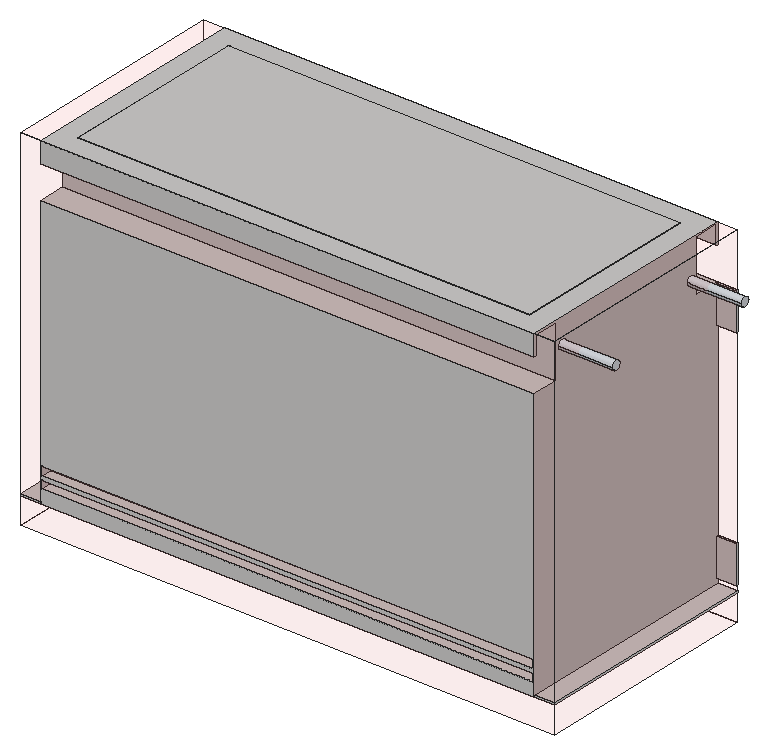
Revit family "Air-Curtain_Industrial_PoweredAire_HotWater", category Mechanical Equipment, host Face, Revit 2022
Family settings
  Host = Face
  Round Connector Dimension = Use Diameter
  Part Type = Normal
  OmniClass Number = 23.75.35.17.21
  OmniClass Title = Air Curtains
  Cut with Voids When Loaded = No
  Maintain Annotation Orientation = No
  Shared = No
  Room Calculation Point = No
Parameters
  upperrotation [instance] = if(Upper Pipe Connection Side A, 0.00°, 180.00°)  # 0.00°
  topbracket [instance] = and(Unit Height = 1' 4 3/4", Unit Depth = 1' 11 3/4")  # yes
  lowerrotation [instance] = if(Lower Pipe Connection Side A, 0.00°, 180.00°)  # 0.00°
  locateupperpipe [instance] = if(Upper Pipe Connection Side A, 0' 0", Nozzle Width)  # 0' - 0"
  locatelowerpipe [instance] = if(Lower Pipe Connection Side A, 0' 0", Nozzle Width)  # 0' - 0"
  Warranty Duration (Years) = 0
  Upper Pipe Connection Side A [instance] = yes
  Unit Width Notes = "Other Widths available."  # constant formula
  Unit Width = 3' - 3"
  Unit Weight = 0
  Unit Height = 1' - 4 3/4"
  Unit Depth = 1' - 11 3/4"
  URL = "http://www.poweredaire.com/"
  Test Data = ""
  Standards Conformance = "as Specified"
  Specification = "http://www.arcat.com/sdspecs/htm04/23_34_33pai.htm"
  SpecWizard = ""
  Sound Pressure = "as Specified"
  Sales Information = "http://www.poweredaire.com/contact_us"
  Revision = "R1_2016-08"
  Projection from Host [instance] = 0' - 2"
  Product Properties = ""
  Product Data = "http://www.arcat.com/arcatcos/cos47/arc47623.html"
  Power Rating = 0 W
  Piping_Water Flow [instance] = 0 GPM
  Piping_Operating Pressure [instance] = 0.00 psi
  Piping_Exit Temperature [instance] = 0 °F
  Piping_Entry Temperature [instance] = 0 °F
  Pipe OD [instance] = 5/8"
  Nozzle Width = if(1 = 1, Unit Width - 0' 3", 0' 0")  # 3' - 0"
  Mounting Width = if(1 = 1, Unit Width - 0' 1 1/2", 0' 0")  # 3' - 1 1/2"
  Mounting Height [instance] = 3' - 6"
  Motor RPM = 0
  Motor HP = 0
  Motor Count = 0
  Model = "As Specified"
  Max Height = 0' - 0"
  Manufacturer Website = "http://www.poweredaire.com/"
  Manufacturer Phone - Toll Free = "888-321-2473"
  Manufacturer Phone = "724-588-3305"
  Manufacturer Fax = "724-588-3371"
  Manufacturer Address = "109 Mortensen Rd.  Greenville, PA 16125"
  Manufacturer = "Powered Aire, Inc"
  Maintenance Schedule (Months) = 0
  Lower Pipe Connection Side A [instance] = yes
  Keynote = "23 34 33"
  Installation-Fabrication = ""
  Installation Phase = ""
  Include Clearance [instance] = yes
  Heating Element Load = 0 W
  HVAC_Temperature Rise = 0 °F
  HVAC_Outlet Volume = 0 CFM
  HVAC_Outlet Velocity Uniformity = 0
  HVAC_Outlet Velocity = 0 FPM
  HVAC_BTU Input = 0.0 Btu/h
  Green Building-LEED = "http://www.arcat.com/green/clients/leed_data_47623.html"
  Front Grating Material [instance] = Metal - Steel - PoweredAire - Stainless 304 Perforated
  Frame Finish [instance] = Metal - Steel - PoweredAire - Stainless 304
  Expected Lifespan (Years) = 0
  Electrical_Wattage [instance] = Power Rating + Heating Element Load  # 0 W
  Electrical_Voltage [instance] = 0 V
  Electrical_Phase [instance] = 1
  Electrical_Frequency [instance] = 0 Hz
  Electrical_Amperage [instance] = 0 A
  Drawn By = "Sumex Design, Inc. / Robert S. Weygant, CSI, CDT, SCIP"
  Description = "Powered Aire Air Curtain as Specified"
  Default Elevation = 0' - 0"  # constant formula
  Copyright = "©Arcat Inc."
  Construction Details = "http://www.arcat.com/details/powair/prod3336.html"
  Clearance_Top [instance] = 0' - 0"
  Clearance_Side B [instance] = 0' - 0"
  Clearance_Side A [instance] = 0' - 0"
  Clearance_Intake [instance] = 0' - 0"
  Clearance_Bottom [instance] = 0' - 0"
  Clearance Material [instance] = ARCAT Clearance
  Building Codes = ""
  Available Options [instance] = "as Specified"
  Assembly Code = "D3090400"
Reference planes (in)
  plane 1 "Center (Elevation)": y = 0.13818
  plane 2: z = 0
  plane 3 "Center (Left/Right)": x = 0
  plane 4: y = 8.51318
  plane 5: y = -8.23682
  plane 6: x = -19.5
  plane 7: x = 19.5
  plane 8: z = 25.75
  plane 9 "FF": y = -41.86182
  plane 10: z = 2
  plane 11: x = 18
  plane 12: x = -18
  plane 13: y = 8.51318
  plane 14: y = -8.23682
  plane 15: x = -19.5
  plane 16: x = 19.5
  plane 17: z = 25.75
  plane 18: x = 17.9375
  plane 19: x = -17.9375
  plane 20: x = 18
  plane 21: x = 18
  plane 22: y = 6.01318
  plane 23: y = -5.73682
Forms (in)
  Extrusion 1, solid, material "Metal - Steel - PoweredAire - Stainless 304" <- "Frame Finish"
    sketch origin (0, 0, 0) x (0, 1, 0) y (0, 0, 1)
      loop
        line (-8.23682, 2) -> (8.51318, 2) -> (8.51318, 21.8125) -> (6.51318, 21.8125) -> (6.51318, 25.625) -> (8.38818, 25.625) -> (8.38818, 24.25) -> (8.51318, 24.25) -> (8.51318, 25.75) -> (-8.23682, 25.75) -> (-8.23682, 24.25) -> (-8.11182, 24.25) -> (-8.11182, 25.625) -> (-6.23682, 25.625) -> (-6.23682, 21.8125) -> (-8.23682, 21.8125) -> (-8.23682, 2)
    from -18 to 18
  Extrusion 2, solid, material "ARCAT Clearance" <- "Clearance Material", visible <- "Include Clearance"
    sketch origin (0, 0, 0) x (0, 1, 0) y (0, 0, 1)
      loop
        line (-8.23682, 25.75) -> (-8.23682, 0) -> (8.51318, 0) -> (8.51318, 25.75) -> (-8.23682, 25.75)
    from -19.5 to 19.5
  Extrusion 3, solid, material "Metal - Steel - PoweredAire - Stainless 304" <- "Frame Finish"
    sketch origin (-15.17702, -180, 2) x (-1, 0, 0) y (0, -1, 0)
      loop
        line (-33.17702, -188.51318) -> (-33.17702, -171.76318) -> (-34.67702, -171.76318) -> (-34.67702, -188.51318) -> (-33.17702, -188.51318)
      loop
        line (2.82298, -188.51318) -> (4.32298, -188.51318) -> (4.32298, -171.76318) -> (2.82298, -171.76318) -> (2.82298, -188.51318)
    from 0 to 0.125
  Extrusion 4, solid, material "Metal - Steel - PoweredAire - Stainless 304" <- "Frame Finish", visible <- "topbracket"
    sketch origin (-11.83813, 8.51318, 48) x (-1, 0, 0) y (0, 0, 1)
      loop
        line (-29.83813, -45.5) -> (-29.83813, -42.75) -> (-31.33813, -42.75) -> (-31.33813, -45.5) -> (-29.83813, -45.5)
      loop
        line (-29.83813, -28.9375) -> (-29.83813, -26.1875) -> (-31.33813, -26.1875) -> (-31.33813, -28.9375) -> (-29.83813, -28.9375)
      loop
        line (6.16187, -45.5) -> (7.66187, -45.5) -> (7.66187, -42.75) -> (6.16187, -42.75) -> (6.16187, -45.5)
      loop
        line (6.16187, -28.9375) -> (7.66187, -28.9375) -> (7.66187, -26.1875) -> (6.16187, -26.1875) -> (6.16187, -28.9375)
    from 0 to -0.125
  Extrusion 5, void
    sketch origin (0, 0, 0) x (0, 1, 0) y (0, 0, 1)
      loop
        line (-8.23682, 3) -> (-7.23682, 3) -> (-7.23682, 4.5) -> (-8.23682, 4.5) -> (-8.23682, 3.82425) -> (-7.38364, 3.82425) -> (-7.38364, 3.57425) -> (-8.23682, 3.57425) -> (-8.23682, 3)
    from -17.9375 to 17.9375
  Extrusion 6, solid, material "Metal - Steel - PoweredAire - Stainless 304 Perforated" <- "Front Grating Material"
    sketch origin (0, -8.23682, 25.75) x (0, 1, 0) y (-1, 0, 0)
      loop
        line (15.25, 16.5) -> (1.5, 16.5) -> (1.5, -16.5) -> (15.25, -16.5) -> (15.25, 16.5)
    from 0 to 0.03125
  Sweep 7, solid
    path origin (18, 6.01318, 0) x (1, 0, 0) y (0, 1, 0)
      loop
        line (0, 0) -> (4, 0)
    profile origin (20, 6.01318, 0) x (0, 1, 0) y (0, 0, 1)
      loop
        circle (0, 23) r 0.3125
  Sweep 8, solid
    path origin (18, -5.73682, 0) x (1, 0, 0) y (0, 1, 0)
      loop
        line (0, 0) -> (4, 0)
    profile origin (20, -5.73682, 0) x (0, 1, 0) y (0, 0, 1)
      loop
        circle (0, 24) r 0.3125
Cuts and joins
  Extrusion 5 cuts Extrusion 1
Lines and regions (in)
  reference lines
    curve 1: line (18, 6.01318, 0) -> (22.75, 6.01318, 0)
    curve 2: line (18, -5.73682, 0) -> (23.75, -5.73682, 0)
Dimensions and locks (in)
  equal spacing: plane 4, plane 1 "Center (Elevation)", plane 5
  "Unit Height": plane 4 to plane 5
  equal spacing: plane 6, plane 3 "Center (Left/Right)", plane 7
  "Unit Width": plane 6 to plane 7
  "Mounting Height": plane 1 "Center (Elevation)" to plane 9 "FF"
  "Projection from Host": plane 10 to level
  "Unit Depth": plane 8 to plane 10
  locked: plane 6 to plane 12 at 1.5
  locked: plane 11 to plane 7 at 1.5
  "Clearance_Side A": plane 7 to plane 16
  "Clearance_Side B": plane 15 to plane 6
  "Clearance_Top": plane 13 to plane 4
  "Clearance_Bottom": plane 5 to plane 14
  "Clearance_Intake": plane 17 to plane 8
  plane 5 to Extrusion 1 sketch curve to Extrusion 1 sketch curve = 0' - 0 1/8" locked, 0' - 1 7/8" locked
  Extrusion 1 sketch curve to Extrusion 1 sketch curve to plane 4 = 0' - 1 7/8" locked, 0' - 0 1/8" locked
  Extrusion 4 sketch curve to Extrusion 4 sketch curve to Extrusion 4 sketch curve to Extrusion 4 sketch curve to plane 10 = 0' - 2 3/4" locked, 1' - 1 13/16" locked, 0' - 2 3/4" locked, 0' - 0 1/2" locked
  Extrusion 4 sketch curve to Extrusion 4 sketch curve to Extrusion 4 sketch curve to Extrusion 4 sketch curve = 0' - 2 3/4" locked, 1' - 1 13/16" locked, 0' - 2 3/4" locked
  locked: Extrusion 4 sketch curve to plane 10 at 0.5
  plane 8 to Extrusion 1 sketch curve to Extrusion 1 sketch curve = 0' - 0 1/8" locked, 0' - 1 3/8" locked  (x2)
  locked: Extrusion 1 sketch curve to plane 10 at 19.8125  (x2)
  Extrusion 5 sketch curve to Extrusion 5 sketch curve to Extrusion 5 sketch curve to Extrusion 5 sketch curve to plane 10 = 0' - 0.67575" locked, 0' - 0 1/4" locked, 0' - 0.57425" locked, 0' - 1" locked
  plane 5 to Extrusion 5 sketch curve to Extrusion 5 sketch curve = 0' - 0.85319" locked, 0' - 0.14681" locked
  locked: plane 19 to plane 12 at 0.0625
  locked: plane 11 to plane 18 at 0.0625
  locked: plane 4 to Extrusion 6 sketch curve at 1.5
  locked: Extrusion 6 sketch curve to plane 5 at 1.5
  locked: Extrusion 6 sketch curve to plane 11 at 1.5
  locked: plane 12 to Extrusion 6 sketch curve at 1.5
  "locateupperpipe": plane 20 to plane 11
  "locatelowerpipe": plane 21 to plane 11
  locked: plane 4 to plane 22 at 2.5
  locked: plane 23 to plane 5 at 2.5
  locked: curve 1 to Sweep 7 sketch curve at 4
  locked: curve 1 to Sweep 7 sketch curve
  locked: Sweep 7 sketch curve to plane 10 at 21
  locked: curve 2 to Sweep 8 sketch curve at 4
  locked: curve 2 to Sweep 8 sketch curve
  locked: Sweep 8 sketch curve to plane 10 at 22
  "upperrotation": angle plane 22 to curve 1
  "lowerrotation": angle plane 23 to curve 2
  aligned and locked: plane 2 to host face
  aligned and locked: level to host face
  aligned and locked: Extrusion 2 sketch curve to plane 17
  aligned and locked: plane 14 to Extrusion 2 sketch curve
  aligned and locked: level to Extrusion 2 sketch curve
  aligned and locked: Extrusion 2 sketch curve to plane 13
  aligned and locked: plane 16 to Extrusion 2
  aligned and locked: Extrusion 2 to plane 15
  aligned and locked: plane 11 to Extrusion 1
  aligned and locked: Extrusion 1 to plane 12
  aligned and locked: plane 21 to curve 2
  aligned and locked: plane 23 to curve 2
  aligned and locked: plane 22 to curve 1
  aligned and locked: plane 20 to curve 1
Automatic sketch dimensions
  host sketch curve to host sketch curve = 8' - 0"  (x2)
  Extrusion 1 sketch curve to plane 5 = 0' - 0"  (x2)
  Extrusion 1 sketch curve to plane 4 = 0' - 0"  (x2)
  Extrusion 1 sketch curve to plane 10 = 0' - 0"
  Extrusion 1 sketch curve to plane 8 = 0' - 0"
  plane 4 to Extrusion 3 sketch curve = 0' - 0"
  Extrusion 3 sketch curve to plane 7 = 0' - 0"
  plane 5 to Extrusion 3 sketch curve = 0' - 0"
  Extrusion 3 sketch curve to plane 11 = 0' - 0"
  Extrusion 3 sketch curve to plane 4 = 0' - 0"
  Extrusion 3 sketch curve to plane 12 = 0' - 0"
  Extrusion 3 sketch curve to plane 6 = 0' - 0"
  Extrusion 3 sketch curve to plane 5 = 0' - 0"
  Extrusion 4 sketch curve to plane 7 = 0' - 0"  (x2)
  Extrusion 4 sketch curve to plane 11 = 0' - 0"  (x2)
  Extrusion 4 sketch curve to plane 12 = 0' - 0"  (x2)
  Extrusion 4 sketch curve to plane 6 = 0' - 0"  (x2)
  Extrusion 5 sketch curve to plane 5 = 0' - 0"  (x2)
  Sweep 7 sketch curve to profile plane = 0' - 0"
  Sweep 8 sketch curve to profile plane = 0' - 0"
  radius of Sweep 7 sketch curve = 0' - 0 5/16"
  radius of Sweep 8 sketch curve = 0' - 0 5/16"
Connectors (in)
  piping at (22, 6.01318, 23), diameter 0.625, driven by "Pipe OD", driven by "Piping_Water Flow"
    settings: on Sweep 7, index 1, connector inside diameter 24", connector length 0' - 0", flow factor 0, pipe flow 0 GPM, pressure drop 0.00 psi, fitting loss kfactor 0, connector angle 0.00°, fixture units 0, engagement length 0' - 0", angle of deflection 0.00°, flow configuration 0, flow direction 0, fitting loss method 0, system type 29, joint type 0, gender type 0, connector reference index -1, connector utility 0, adjustable connector no, is connector primary yes, connector description "Define Supply or Return and Location"
  piping at (22, -5.73682, 24), diameter 0.625, driven by "Pipe OD", driven by "Piping_Water Flow"
    settings: on Sweep 8, index 2, connector inside diameter 24", connector length 0' - 0", flow factor 0, pipe flow 0 GPM, pressure drop 0.00 psi, fitting loss kfactor 0, connector angle 0.00°, fixture units 0, engagement length 0' - 0", angle of deflection 0.00°, flow configuration 0, flow direction 0, fitting loss method 0, system type 29, joint type 0, gender type 0, connector reference index -1, connector utility 0, adjustable connector no, is connector primary no, connector description "Define Supply or Return and Location"
  electrical at (-18, 0.13818, 21.39062), driven by "Electrical_Voltage", driven by "Electrical_Phase"
    settings: on cut or joined group of Extrusion 1, Extrusion 5, index 3, voltage 0 V, apparent load 0 VA, apparent load phase1 0 VA, apparent load phase2 0 VA, apparent load phase3 0 VA, power factor 1, load classification "Motor", number of poles 1, system type 31, power factor state 1, is connector primary yes, connector utility no, sub classification motor no, connector description ""
